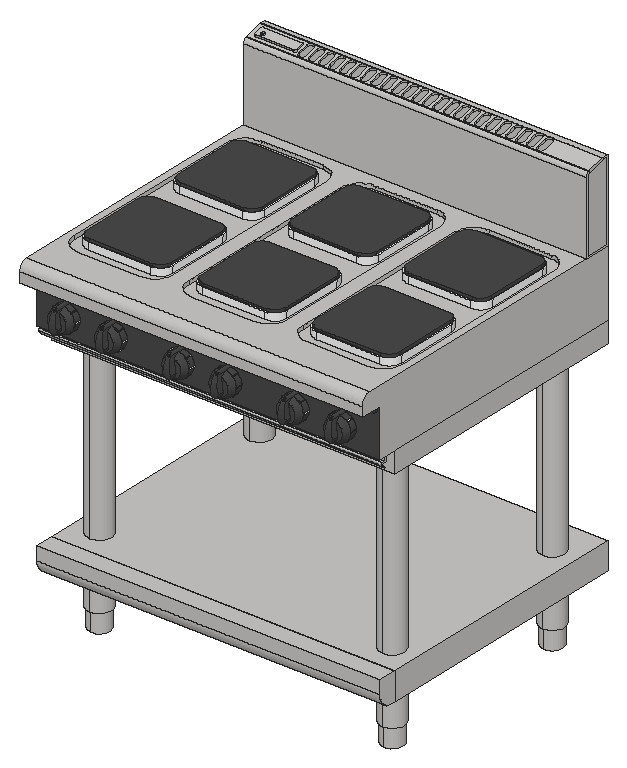
Revit family "QF_Moffat_RNB8600SE-LS_Electric_Cooktops_Sealed_Hobs_cat", category Specialty Equipment, Revit 2019 (continued)
Definition of nested family "High and Low Option"
  Forms (mm)
    Extrusion 10, solid, visible <- "High Back", not visible
      sketch origin (0, -15, 1130) x (0, -0.965926, -0.258819) y (1, 0, 0)
        loop
          arc (11.379, 231.148) -> (1.379, 221.148) -> (11.379, 211.148) r 10
          line (11.379, 211.148) -> (36.495, 211.148)
          arc (36.495, 211.148) -> (46.495, 221.148) -> (36.495, 231.148) r 10
          line (36.495, 231.148) -> (11.379, 231.148)
        loop
          arc (11.379, 258.428) -> (1.379, 248.428) -> (11.379, 238.428) r 10
          line (11.379, 238.428) -> (36.495, 238.428)
          arc (36.495, 238.428) -> (46.495, 248.428) -> (36.495, 258.428) r 10
          line (36.495, 258.428) -> (11.379, 258.428)
        loop
          arc (11.379, 285.709) -> (1.379, 275.709) -> (11.379, 265.709) r 10
          line (11.379, 265.709) -> (36.495, 265.709)
          arc (36.495, 265.709) -> (46.495, 275.709) -> (36.495, 285.709) r 10
          line (36.495, 285.709) -> (11.379, 285.709)
        loop
          arc (11.379, 312.989) -> (1.379, 302.989) -> (11.379, 292.989) r 10
          line (11.379, 292.989) -> (36.495, 292.989)
          arc (36.495, 292.989) -> (46.495, 302.989) -> (36.495, 312.989) r 10
          line (36.495, 312.989) -> (11.379, 312.989)
        loop
          arc (11.379, 340.269) -> (1.379, 330.269) -> (11.379, 320.269) r 10
          line (11.379, 320.269) -> (36.495, 320.269)
          arc (36.495, 320.269) -> (46.495, 330.269) -> (36.495, 340.269) r 10
          line (36.495, 340.269) -> (11.379, 340.269)
        loop
          arc (11.379, 367.549) -> (1.379, 357.549) -> (11.379, 347.549) r 10
          line (11.379, 347.549) -> (36.495, 347.549)
          arc (36.495, 347.549) -> (46.495, 357.549) -> (36.495, 367.549) r 10
          line (36.495, 367.549) -> (11.379, 367.549)
        loop
          arc (11.379, 394.829) -> (1.379, 384.829) -> (11.379, 374.829) r 10
          line (11.379, 374.829) -> (36.495, 374.829)
          arc (36.495, 374.829) -> (46.495, 384.829) -> (36.495, 394.829) r 10
          line (36.495, 394.829) -> (11.379, 394.829)
        loop
          arc (11.379, 422.11) -> (1.379, 412.11) -> (11.379, 402.11) r 10
          line (11.379, 402.11) -> (36.495, 402.11)
          arc (36.495, 402.11) -> (46.495, 412.11) -> (36.495, 422.11) r 10
          line (36.495, 422.11) -> (11.379, 422.11)
        loop
          arc (11.379, 449.39) -> (1.379, 439.39) -> (11.379, 429.39) r 10
          line (11.379, 429.39) -> (36.495, 429.39)
          arc (36.495, 429.39) -> (46.495, 439.39) -> (36.495, 449.39) r 10
          line (36.495, 449.39) -> (11.379, 449.39)
        loop
          arc (11.379, 476.67) -> (1.379, 466.67) -> (11.379, 456.67) r 10
          line (11.379, 456.67) -> (36.495, 456.67)
          arc (36.495, 456.67) -> (46.495, 466.67) -> (36.495, 476.67) r 10
          line (36.495, 476.67) -> (11.379, 476.67)
        loop
          arc (11.379, 503.95) -> (1.379, 493.95) -> (11.379, 483.95) r 10
          line (11.379, 483.95) -> (36.495, 483.95)
          arc (36.495, 483.95) -> (46.495, 493.95) -> (36.495, 503.95) r 10
          line (36.495, 503.95) -> (11.379, 503.95)
        loop
          arc (11.379, 531.23) -> (1.379, 521.23) -> (11.379, 511.23) r 10
          line (11.379, 511.23) -> (36.495, 511.23)
          arc (36.495, 511.23) -> (46.495, 521.23) -> (36.495, 531.23) r 10
          line (36.495, 531.23) -> (11.379, 531.23)
        loop
          arc (11.379, 558.511) -> (1.379, 548.511) -> (11.379, 538.511) r 10
          line (11.379, 538.511) -> (36.495, 538.511)
          arc (36.495, 538.511) -> (46.495, 548.511) -> (36.495, 558.511) r 10
          line (36.495, 558.511) -> (11.379, 558.511)
        loop
          arc (11.379, 585.791) -> (1.379, 575.791) -> (11.379, 565.791) r 10
          line (11.379, 565.791) -> (36.495, 565.791)
          arc (36.495, 565.791) -> (46.495, 575.791) -> (36.495, 585.791) r 10
          line (36.495, 585.791) -> (11.379, 585.791)
        loop
          arc (11.379, 613.071) -> (1.379, 603.071) -> (11.379, 593.071) r 10
          line (11.379, 593.071) -> (36.495, 593.071)
          arc (36.495, 593.071) -> (46.495, 603.071) -> (36.495, 613.071) r 10
          line (36.495, 613.071) -> (11.379, 613.071)
        loop
          arc (11.379, 640.351) -> (1.379, 630.351) -> (11.379, 620.351) r 10
          line (11.379, 620.351) -> (36.495, 620.351)
          arc (36.495, 620.351) -> (46.495, 630.351) -> (36.495, 640.351) r 10
          line (36.495, 640.351) -> (11.379, 640.351)
        loop
          arc (11.379, 667.632) -> (1.379, 657.632) -> (11.379, 647.632) r 10
          line (11.379, 647.632) -> (36.495, 647.632)
          arc (36.495, 647.632) -> (46.495, 657.632) -> (36.495, 667.632) r 10
          line (36.495, 667.632) -> (11.379, 667.632)
        loop
          arc (11.379, 694.912) -> (1.379, 684.912) -> (11.379, 674.912) r 10
          line (11.379, 674.912) -> (36.495, 674.912)
          arc (36.495, 674.912) -> (46.495, 684.912) -> (36.495, 694.912) r 10
          line (36.495, 694.912) -> (11.379, 694.912)
        loop
          arc (11.379, 722.192) -> (1.379, 712.192) -> (11.379, 702.192) r 10
          line (11.379, 702.192) -> (36.495, 702.192)
          arc (36.495, 702.192) -> (46.495, 712.192) -> (36.495, 722.192) r 10
          line (36.495, 722.192) -> (11.379, 722.192)
        loop
          arc (11.379, 749.472) -> (1.379, 739.472) -> (11.379, 729.472) r 10
          line (11.379, 729.472) -> (36.495, 729.472)
          arc (36.495, 729.472) -> (46.495, 739.472) -> (36.495, 749.472) r 10
          line (36.495, 749.472) -> (11.379, 749.472)
        loop
          arc (11.379, 776.752) -> (1.379, 766.752) -> (11.379, 756.752) r 10
          line (11.379, 756.752) -> (36.495, 756.752)
          arc (36.495, 756.752) -> (46.495, 766.752) -> (36.495, 776.752) r 10
          line (36.495, 776.752) -> (11.379, 776.752)
      from 0 to -3.2
  Lines and regions (mm)
    symbolic lines
      curve 1: line (0, -71.587, 946.25) -> (0, -71.587, 923.25)
      curve 2: line (0, 0, 0) -> (900, 0, 0)
      curve 3: line (0, -70, 0) -> (0, 0, 0)
      curve 4: line (900, -70, 0) -> (0, -70, 0)
      curve 5: line (900, 0, 0) -> (900, -70, 0)
      curve 202: line (0, 0, 0) -> (900, 0, 0)
      curve 203: line (0, -70, 0) -> (0, 0, 0)
      curve 204: line (900, -70, 0) -> (0, -70, 0)
      curve 205: line (900, 0, 0) -> (900, -70, 0)
    symbolic lines, visible <- "High Back"
      curve 6: line (129.307, -50.251, 0) -> (129.307, -25.991, 0)
      curve 7: spline (129.307, -25.991, 0) -> (129.648, -23.491, 0) -> (130.647, -21.162, 0) -> (132.236, -19.161, 0) -> (134.307, -17.626, 0) -> (136.719, -16.661, 0) -> (139.307, -16.332, 0) -> (141.896, -16.661, 0) -> (144.307, -17.626, 0) -> (146.379, -19.161, 0) -> (147.968, -21.162, 0) -> (148.967, -23.491, 0) -> (149.307, -25.991, 0)
      curve 8: line (149.307, -25.991, 0) -> (149.307, -50.251, 0)
      curve 9: spline (149.307, -50.251, 0) -> (148.967, -52.751, 0) -> (147.968, -55.081, 0) -> (146.379, -57.081, 0) -> (144.307, -58.616, 0) -> (141.896, -59.581, 0) -> (139.307, -59.91, 0) -> (136.719, -59.581, 0) -> (134.307, -58.616, 0) -> (132.236, -57.081, 0) -> (130.647, -55.081, 0) -> (129.648, -52.751, 0) -> (129.307, -50.251, 0)
      curve 10: line (156.588, -50.251, 0) -> (156.588, -25.991, 0)
      curve 11: spline (156.588, -25.991, 0) -> (156.928, -23.491, 0) -> (157.927, -21.162, 0) -> (159.517, -19.161, 0) -> (161.588, -17.626, 0) -> (164, -16.661, 0) -> (166.588, -16.332, 0) -> (169.176, -16.661, 0) -> (171.588, -17.626, 0) -> (173.659, -19.161, 0) -> (175.248, -21.162, 0) -> (176.247, -23.491, 0) -> (176.588, -25.991, 0)
      curve 12: line (176.588, -25.991, 0) -> (176.588, -50.251, 0)
      curve 13: spline (176.588, -50.251, 0) -> (176.247, -52.751, 0) -> (175.248, -55.081, 0) -> (173.659, -57.081, 0) -> (171.588, -58.616, 0) -> (169.176, -59.581, 0) -> (166.588, -59.91, 0) -> (164, -59.581, 0) -> (161.588, -58.616, 0) -> (159.517, -57.081, 0) -> (157.927, -55.081, 0) -> (156.928, -52.751, 0) -> (156.588, -50.251, 0)
      curve 14: line (183.868, -50.251, 0) -> (183.868, -25.991, 0)
      curve 15: spline (183.868, -25.991, 0) -> (184.209, -23.491, 0) -> (185.208, -21.162, 0) -> (186.797, -19.161, 0) -> (188.868, -17.626, 0) -> (191.28, -16.661, 0) -> (193.868, -16.332, 0) -> (196.456, -16.661, 0) -> (198.868, -17.626, 0) -> (200.939, -19.161, 0) -> (202.528, -21.162, 0) -> (203.527, -23.491, 0) -> (203.868, -25.991, 0)
      curve 16: line (203.868, -25.991, 0) -> (203.868, -50.251, 0)
      curve 17: spline (203.868, -50.251, 0) -> (203.527, -52.751, 0) -> (202.528, -55.081, 0) -> (200.939, -57.081, 0) -> (198.868, -58.616, 0) -> (196.456, -59.581, 0) -> (193.868, -59.91, 0) -> (191.28, -59.581, 0) -> (188.868, -58.616, 0) -> (186.797, -57.081, 0) -> (185.208, -55.081, 0) -> (184.209, -52.751, 0) -> (183.868, -50.251, 0)
      curve 18: line (211.148, -50.251, 0) -> (211.148, -25.991, 0)
      curve 19: spline (211.148, -25.991, 0) -> (211.489, -23.491, 0) -> (212.488, -21.162, 0) -> (214.077, -19.161, 0) -> (216.148, -17.626, 0) -> (218.56, -16.661, 0) -> (221.148, -16.332, 0) -> (223.736, -16.661, 0) -> (226.148, -17.626, 0) -> (228.219, -19.161, 0) -> (229.808, -21.162, 0) -> (230.807, -23.491, 0) -> (231.148, -25.991, 0)
      curve 20: line (231.148, -25.991, 0) -> (231.148, -50.251, 0)
      curve 21: spline (231.148, -50.251, 0) -> (230.807, -52.751, 0) -> (229.808, -55.081, 0) -> (228.219, -57.081, 0) -> (226.148, -58.616, 0) -> (223.736, -59.581, 0) -> (221.148, -59.91, 0) -> (218.56, -59.581, 0) -> (216.148, -58.616, 0) -> (214.077, -57.081, 0) -> (212.488, -55.081, 0) -> (211.489, -52.751, 0) -> (211.148, -50.251, 0)
      curve 22: line (238.428, -50.251, 0) -> (238.428, -25.991, 0)
      curve 23: spline (238.428, -25.991, 0) -> (238.769, -23.491, 0) -> (239.768, -21.162, 0) -> (241.357, -19.161, 0) -> (243.428, -17.626, 0) -> (245.84, -16.661, 0) -> (248.428, -16.332, 0) -> (251.017, -16.661, 0) -> (253.428, -17.626, 0) -> (255.499, -19.161, 0) -> (257.089, -21.162, 0) -> (258.088, -23.491, 0) -> (258.428, -25.991, 0)
      curve 24: line (258.428, -25.991, 0) -> (258.428, -50.251, 0)
      curve 25: spline (258.428, -50.251, 0) -> (258.088, -52.751, 0) -> (257.089, -55.081, 0) -> (255.499, -57.081, 0) -> (253.428, -58.616, 0) -> (251.017, -59.581, 0) -> (248.428, -59.91, 0) -> (245.84, -59.581, 0) -> (243.428, -58.616, 0) -> (241.357, -57.081, 0) -> (239.768, -55.081, 0) -> (238.769, -52.751, 0) -> (238.428, -50.251, 0)
      curve 26: line (265.709, -50.251, 0) -> (265.709, -25.991, 0)
      curve 27: spline (265.709, -25.991, 0) -> (266.049, -23.491, 0) -> (267.048, -21.162, 0) -> (268.637, -19.161, 0) -> (270.709, -17.626, 0) -> (273.12, -16.661, 0) -> (275.709, -16.332, 0) -> (278.297, -16.661, 0) -> (280.709, -17.626, 0) -> (282.78, -19.161, 0) -> (284.369, -21.162, 0) -> (285.368, -23.491, 0) -> (285.709, -25.991, 0)
      curve 28: line (285.709, -25.991, 0) -> (285.709, -50.251, 0)
      curve 29: spline (285.709, -50.251, 0) -> (285.368, -52.751, 0) -> (284.369, -55.081, 0) -> (282.78, -57.081, 0) -> (280.709, -58.616, 0) -> (278.297, -59.581, 0) -> (275.709, -59.91, 0) -> (273.12, -59.581, 0) -> (270.709, -58.616, 0) -> (268.637, -57.081, 0) -> (267.048, -55.081, 0) -> (266.049, -52.751, 0) -> (265.709, -50.251, 0)
      curve 30: line (292.989, -50.251, 0) -> (292.989, -25.991, 0)
      curve 31: spline (292.989, -25.991, 0) -> (293.329, -23.491, 0) -> (294.329, -21.162, 0) -> (295.918, -19.161, 0) -> (297.989, -17.626, 0) -> (300.401, -16.661, 0) -> (302.989, -16.332, 0) -> (305.577, -16.661, 0) -> (307.989, -17.626, 0) -> (310.06, -19.161, 0) -> (311.649, -21.162, 0) -> (312.648, -23.491, 0) -> (312.989, -25.991, 0)
      curve 32: line (312.989, -25.991, 0) -> (312.989, -50.251, 0)
      curve 33: spline (312.989, -50.251, 0) -> (312.648, -52.751, 0) -> (311.649, -55.081, 0) -> (310.06, -57.081, 0) -> (307.989, -58.616, 0) -> (305.577, -59.581, 0) -> (302.989, -59.91, 0) -> (300.401, -59.581, 0) -> (297.989, -58.616, 0) -> (295.918, -57.081, 0) -> (294.329, -55.081, 0) -> (293.329, -52.751, 0) -> (292.989, -50.251, 0)
      curve 34: line (320.269, -50.251, 0) -> (320.269, -25.991, 0)
      curve 35: spline (320.269, -25.991, 0) -> (320.61, -23.491, 0) -> (321.609, -21.162, 0) -> (323.198, -19.161, 0) -> (325.269, -17.626, 0) -> (327.681, -16.661, 0) -> (330.269, -16.332, 0) -> (332.857, -16.661, 0) -> (335.269, -17.626, 0) -> (337.34, -19.161, 0) -> (338.929, -21.162, 0) -> (339.928, -23.491, 0) -> (340.269, -25.991, 0)
      curve 36: line (340.269, -25.991, 0) -> (340.269, -50.251, 0)
      curve 37: spline (340.269, -50.251, 0) -> (339.928, -52.751, 0) -> (338.929, -55.081, 0) -> (337.34, -57.081, 0) -> (335.269, -58.616, 0) -> (332.857, -59.581, 0) -> (330.269, -59.91, 0) -> (327.681, -59.581, 0) -> (325.269, -58.616, 0) -> (323.198, -57.081, 0) -> (321.609, -55.081, 0) -> (320.61, -52.751, 0) -> (320.269, -50.251, 0)
      curve 38: line (347.549, -50.251, 0) -> (347.549, -25.991, 0)
      curve 39: spline (347.549, -25.991, 0) -> (347.89, -23.491, 0) -> (348.889, -21.162, 0) -> (350.478, -19.161, 0) -> (352.549, -17.626, 0) -> (354.961, -16.661, 0) -> (357.549, -16.332, 0) -> (360.137, -16.661, 0) -> (362.549, -17.626, 0) -> (364.62, -19.161, 0) -> (366.209, -21.162, 0) -> (367.208, -23.491, 0) -> (367.549, -25.991, 0)
      curve 40: line (367.549, -25.991, 0) -> (367.549, -50.251, 0)
      curve 41: spline (367.549, -50.251, 0) -> (367.208, -52.751, 0) -> (366.209, -55.081, 0) -> (364.62, -57.081, 0) -> (362.549, -58.616, 0) -> (360.137, -59.581, 0) -> (357.549, -59.91, 0) -> (354.961, -59.581, 0) -> (352.549, -58.616, 0) -> (350.478, -57.081, 0) -> (348.889, -55.081, 0) -> (347.89, -52.751, 0) -> (347.549, -50.251, 0)
      curve 42: line (374.829, -50.251, 0) -> (374.829, -25.991, 0)
      curve 43: spline (374.829, -25.991, 0) -> (375.17, -23.491, 0) -> (376.169, -21.162, 0) -> (377.758, -19.161, 0) -> (379.829, -17.626, 0) -> (382.241, -16.661, 0) -> (384.829, -16.332, 0) -> (387.418, -16.661, 0) -> (389.829, -17.626, 0) -> (391.9, -19.161, 0) -> (393.49, -21.162, 0) -> (394.489, -23.491, 0) -> (394.829, -25.991, 0)
      curve 44: line (394.829, -25.991, 0) -> (394.829, -50.251, 0)
      curve 45: spline (394.829, -50.251, 0) -> (394.489, -52.751, 0) -> (393.49, -55.081, 0) -> (391.9, -57.081, 0) -> (389.829, -58.616, 0) -> (387.418, -59.581, 0) -> (384.829, -59.91, 0) -> (382.241, -59.581, 0) -> (379.829, -58.616, 0) -> (377.758, -57.081, 0) -> (376.169, -55.081, 0) -> (375.17, -52.751, 0) -> (374.829, -50.251, 0)
      curve 46: line (402.11, -50.251, 0) -> (402.11, -25.991, 0)
      curve 47: spline (402.11, -25.991, 0) -> (402.45, -23.491, 0) -> (403.449, -21.162, 0) -> (405.039, -19.161, 0) -> (407.11, -17.626, 0) -> (409.521, -16.661, 0) -> (412.11, -16.332, 0) -> (414.698, -16.661, 0) -> (417.11, -17.626, 0) -> (419.181, -19.161, 0) -> (420.77, -21.162, 0) -> (421.769, -23.491, 0) -> (422.11, -25.991, 0)
      curve 48: line (422.11, -25.991, 0) -> (422.11, -50.251, 0)
      curve 49: spline (422.11, -50.251, 0) -> (421.769, -52.751, 0) -> (420.77, -55.081, 0) -> (419.181, -57.081, 0) -> (417.11, -58.616, 0) -> (414.698, -59.581, 0) -> (412.11, -59.91, 0) -> (409.521, -59.581, 0) -> (407.11, -58.616, 0) -> (405.039, -57.081, 0) -> (403.449, -55.081, 0) -> (402.45, -52.751, 0) -> (402.11, -50.251, 0)
      curve 50: line (429.39, -50.251, 0) -> (429.39, -25.991, 0)
      curve 51: spline (429.39, -25.991, 0) -> (429.731, -23.491, 0) -> (430.73, -21.162, 0) -> (432.319, -19.161, 0) -> (434.39, -17.626, 0) -> (436.802, -16.661, 0) -> (439.39, -16.332, 0) -> (441.978, -16.661, 0) -> (444.39, -17.626, 0) -> (446.461, -19.161, 0) -> (448.05, -21.162, 0) -> (449.049, -23.491, 0) -> (449.39, -25.991, 0)
      curve 52: line (449.39, -25.991, 0) -> (449.39, -50.251, 0)
      curve 53: spline (449.39, -50.251, 0) -> (449.049, -52.751, 0) -> (448.05, -55.081, 0) -> (446.461, -57.081, 0) -> (444.39, -58.616, 0) -> (441.978, -59.581, 0) -> (439.39, -59.91, 0) -> (436.802, -59.581, 0) -> (434.39, -58.616, 0) -> (432.319, -57.081, 0) -> (430.73, -55.081, 0) -> (429.731, -52.751, 0) -> (429.39, -50.251, 0)
      curve 54: line (456.67, -50.251, 0) -> (456.67, -25.991, 0)
      curve 55: spline (456.67, -25.991, 0) -> (457.011, -23.491, 0) -> (458.01, -21.162, 0) -> (459.599, -19.161, 0) -> (461.67, -17.626, 0) -> (464.082, -16.661, 0) -> (466.67, -16.332, 0) -> (469.258, -16.661, 0) -> (471.67, -17.626, 0) -> (473.741, -19.161, 0) -> (475.33, -21.162, 0) -> (476.329, -23.491, 0) -> (476.67, -25.991, 0)
      curve 56: line (476.67, -25.991, 0) -> (476.67, -50.251, 0)
      curve 57: spline (476.67, -50.251, 0) -> (476.329, -52.751, 0) -> (475.33, -55.081, 0) -> (473.741, -57.081, 0) -> (471.67, -58.616, 0) -> (469.258, -59.581, 0) -> (466.67, -59.91, 0) -> (464.082, -59.581, 0) -> (461.67, -58.616, 0) -> (459.599, -57.081, 0) -> (458.01, -55.081, 0) -> (457.011, -52.751, 0) -> (456.67, -50.251, 0)
      curve 58: line (483.95, -50.251, 0) -> (483.95, -25.991, 0)
      curve 59: spline (483.95, -25.991, 0) -> (484.291, -23.491, 0) -> (485.29, -21.162, 0) -> (486.879, -19.161, 0) -> (488.95, -17.626, 0) -> (491.362, -16.661, 0) -> (493.95, -16.332, 0) -> (496.538, -16.661, 0) -> (498.95, -17.626, 0) -> (501.021, -19.161, 0) -> (502.61, -21.162, 0) -> (503.609, -23.491, 0) -> (503.95, -25.991, 0)
      curve 60: line (503.95, -25.991, 0) -> (503.95, -50.251, 0)
      curve 61: spline (503.95, -50.251, 0) -> (503.609, -52.751, 0) -> (502.61, -55.081, 0) -> (501.021, -57.081, 0) -> (498.95, -58.616, 0) -> (496.538, -59.581, 0) -> (493.95, -59.91, 0) -> (491.362, -59.581, 0) -> (488.95, -58.616, 0) -> (486.879, -57.081, 0) -> (485.29, -55.081, 0) -> (484.291, -52.751, 0) -> (483.95, -50.251, 0)
      curve 62: line (511.23, -50.251, 0) -> (511.23, -25.991, 0)
      curve 63: spline (511.23, -25.991, 0) -> (511.571, -23.491, 0) -> (512.57, -21.162, 0) -> (514.159, -19.161, 0) -> (516.23, -17.626, 0) -> (518.642, -16.661, 0) -> (521.23, -16.332, 0) -> (523.819, -16.661, 0) -> (526.23, -17.626, 0) -> (528.302, -19.161, 0) -> (529.891, -21.162, 0) -> (530.89, -23.491, 0) -> (531.23, -25.991, 0)
      curve 64: line (531.23, -25.991, 0) -> (531.23, -50.251, 0)
      curve 65: spline (531.23, -50.251, 0) -> (530.89, -52.751, 0) -> (529.891, -55.081, 0) -> (528.302, -57.081, 0) -> (526.23, -58.616, 0) -> (523.819, -59.581, 0) -> (521.23, -59.91, 0) -> (518.642, -59.581, 0) -> (516.23, -58.616, 0) -> (514.159, -57.081, 0) -> (512.57, -55.081, 0) -> (511.571, -52.751, 0) -> (511.23, -50.251, 0)
      curve 66: line (538.511, -50.251, 0) -> (538.511, -25.991, 0)
      curve 67: spline (538.511, -25.991, 0) -> (538.851, -23.491, 0) -> (539.85, -21.162, 0) -> (541.44, -19.161, 0) -> (543.511, -17.626, 0) -> (545.922, -16.661, 0) -> (548.511, -16.332, 0) -> (551.099, -16.661, 0) -> (553.511, -17.626, 0) -> (555.582, -19.161, 0) -> (557.171, -21.162, 0) -> (558.17, -23.491, 0) -> (558.511, -25.991, 0)
      curve 68: line (558.511, -25.991, 0) -> (558.511, -50.251, 0)
      curve 69: spline (558.511, -50.251, 0) -> (558.17, -52.751, 0) -> (557.171, -55.081, 0) -> (555.582, -57.081, 0) -> (553.511, -58.616, 0) -> (551.099, -59.581, 0) -> (548.511, -59.91, 0) -> (545.922, -59.581, 0) -> (543.511, -58.616, 0) -> (541.44, -57.081, 0) -> (539.85, -55.081, 0) -> (538.851, -52.751, 0) -> (538.511, -50.251, 0)
      curve 70: line (565.791, -50.251, 0) -> (565.791, -25.991, 0)
      curve 71: spline (565.791, -25.991, 0) -> (566.132, -23.491, 0) -> (567.131, -21.162, 0) -> (568.72, -19.161, 0) -> (570.791, -17.626, 0) -> (573.203, -16.661, 0) -> (575.791, -16.332, 0) -> (578.379, -16.661, 0) -> (580.791, -17.626, 0) -> (582.862, -19.161, 0) -> (584.451, -21.162, 0) -> (585.45, -23.491, 0) -> (585.791, -25.991, 0)
      curve 72: line (585.791, -25.991, 0) -> (585.791, -50.251, 0)
      curve 73: spline (585.791, -50.251, 0) -> (585.45, -52.751, 0) -> (584.451, -55.081, 0) -> (582.862, -57.081, 0) -> (580.791, -58.616, 0) -> (578.379, -59.581, 0) -> (575.791, -59.91, 0) -> (573.203, -59.581, 0) -> (570.791, -58.616, 0) -> (568.72, -57.081, 0) -> (567.131, -55.081, 0) -> (566.132, -52.751, 0) -> (565.791, -50.251, 0)
      curve 74: line (593.071, -50.251, 0) -> (593.071, -25.991, 0)
      curve 75: spline (593.071, -25.991, 0) -> (593.412, -23.491, 0) -> (594.411, -21.162, 0) -> (596, -19.161, 0) -> (598.071, -17.626, 0) -> (600.483, -16.661, 0) -> (603.071, -16.332, 0) -> (605.659, -16.661, 0) -> (608.071, -17.626, 0) -> (610.142, -19.161, 0) -> (611.731, -21.162, 0) -> (612.73, -23.491, 0) -> (613.071, -25.991, 0)
      curve 76: line (613.071, -25.991, 0) -> (613.071, -50.251, 0)
      curve 77: spline (613.071, -50.251, 0) -> (612.73, -52.751, 0) -> (611.731, -55.081, 0) -> (610.142, -57.081, 0) -> (608.071, -58.616, 0) -> (605.659, -59.581, 0) -> (603.071, -59.91, 0) -> (600.483, -59.581, 0) -> (598.071, -58.616, 0) -> (596, -57.081, 0) -> (594.411, -55.081, 0) -> (593.412, -52.751, 0) -> (593.071, -50.251, 0)
      curve 78: line (620.351, -50.251, 0) -> (620.351, -25.991, 0)
      curve 79: spline (620.351, -25.991, 0) -> (620.692, -23.491, 0) -> (621.691, -21.162, 0) -> (623.28, -19.161, 0) -> (625.351, -17.626, 0) -> (627.763, -16.661, 0) -> (630.351, -16.332, 0) -> (632.939, -16.661, 0) -> (635.351, -17.626, 0) -> (637.422, -19.161, 0) -> (639.012, -21.162, 0) -> (640.011, -23.491, 0) -> (640.351, -25.991, 0)
      curve 80: line (640.351, -25.991, 0) -> (640.351, -50.251, 0)
      curve 81: spline (640.351, -50.251, 0) -> (640.011, -52.751, 0) -> (639.012, -55.081, 0) -> (637.422, -57.081, 0) -> (635.351, -58.616, 0) -> (632.939, -59.581, 0) -> (630.351, -59.91, 0) -> (627.763, -59.581, 0) -> (625.351, -58.616, 0) -> (623.28, -57.081, 0) -> (621.691, -55.081, 0) -> (620.692, -52.751, 0) -> (620.351, -50.251, 0)
      curve 82: line (647.632, -50.251, 0) -> (647.632, -25.991, 0)
      curve 83: spline (647.632, -25.991, 0) -> (647.972, -23.491, 0) -> (648.971, -21.162, 0) -> (650.56, -19.161, 0) -> (652.632, -17.626, 0) -> (655.043, -16.661, 0) -> (657.632, -16.332, 0) -> (660.22, -16.661, 0) -> (662.632, -17.626, 0) -> (664.703, -19.161, 0) -> (666.292, -21.162, 0) -> (667.291, -23.491, 0) -> (667.632, -25.991, 0)
      curve 84: line (667.632, -25.991, 0) -> (667.632, -50.251, 0)
      curve 85: spline (667.632, -50.251, 0) -> (667.291, -52.751, 0) -> (666.292, -55.081, 0) -> (664.703, -57.081, 0) -> (662.632, -58.616, 0) -> (660.22, -59.581, 0) -> (657.632, -59.91, 0) -> (655.043, -59.581, 0) -> (652.632, -58.616, 0) -> (650.56, -57.081, 0) -> (648.971, -55.081, 0) -> (647.972, -52.751, 0) -> (647.632, -50.251, 0)
      curve 86: line (674.912, -50.251, 0) -> (674.912, -25.991, 0)
      curve 87: spline (674.912, -25.991, 0) -> (675.252, -23.491, 0) -> (676.251, -21.162, 0) -> (677.841, -19.161, 0) -> (679.912, -17.626, 0) -> (682.324, -16.661, 0) -> (684.912, -16.332, 0) -> (687.5, -16.661, 0) -> (689.912, -17.626, 0) -> (691.983, -19.161, 0) -> (693.572, -21.162, 0) -> (694.571, -23.491, 0) -> (694.912, -25.991, 0)
      curve 88: line (694.912, -25.991, 0) -> (694.912, -50.251, 0)
      curve 89: spline (694.912, -50.251, 0) -> (694.571, -52.751, 0) -> (693.572, -55.081, 0) -> (691.983, -57.081, 0) -> (689.912, -58.616, 0) -> (687.5, -59.581, 0) -> (684.912, -59.91, 0) -> (682.324, -59.581, 0) -> (679.912, -58.616, 0) -> (677.841, -57.081, 0) -> (676.251, -55.081, 0) -> (675.252, -52.751, 0) -> (674.912, -50.251, 0)
      curve 90: line (702.192, -50.251, 0) -> (702.192, -25.991, 0)
      curve 91: spline (702.192, -25.991, 0) -> (702.533, -23.491, 0) -> (703.532, -21.162, 0) -> (705.121, -19.161, 0) -> (707.192, -17.626, 0) -> (709.604, -16.661, 0) -> (712.192, -16.332, 0) -> (714.78, -16.661, 0) -> (717.192, -17.626, 0) -> (719.263, -19.161, 0) -> (720.852, -21.162, 0) -> (721.851, -23.491, 0) -> (722.192, -25.991, 0)
      curve 92: line (722.192, -25.991, 0) -> (722.192, -50.251, 0)
      curve 93: spline (722.192, -50.251, 0) -> (721.851, -52.751, 0) -> (720.852, -55.081, 0) -> (719.263, -57.081, 0) -> (717.192, -58.616, 0) -> (714.78, -59.581, 0) -> (712.192, -59.91, 0) -> (709.604, -59.581, 0) -> (707.192, -58.616, 0) -> (705.121, -57.081, 0) -> (703.532, -55.081, 0) -> (702.533, -52.751, 0) -> (702.192, -50.251, 0)
      curve 94: line (729.472, -50.251, 0) -> (729.472, -25.991, 0)
      curve 95: spline (729.472, -25.991, 0) -> (729.813, -23.491, 0) -> (730.812, -21.162, 0) -> (732.401, -19.161, 0) -> (734.472, -17.626, 0) -> (736.884, -16.661, 0) -> (739.472, -16.332, 0) -> (742.06, -16.661, 0) -> (744.472, -17.626, 0) -> (746.543, -19.161, 0) -> (748.132, -21.162, 0) -> (749.131, -23.491, 0) -> (749.472, -25.991, 0)
      curve 96: line (749.472, -25.991, 0) -> (749.472, -50.251, 0)
      curve 97: spline (749.472, -50.251, 0) -> (749.131, -52.751, 0) -> (748.132, -55.081, 0) -> (746.543, -57.081, 0) -> (744.472, -58.616, 0) -> (742.06, -59.581, 0) -> (739.472, -59.91, 0) -> (736.884, -59.581, 0) -> (734.472, -58.616, 0) -> (732.401, -57.081, 0) -> (730.812, -55.081, 0) -> (729.813, -52.751, 0) -> (729.472, -50.251, 0)
      curve 98: line (756.752, -50.251, 0) -> (756.752, -25.991, 0)
      curve 99: spline (756.752, -25.991, 0) -> (757.093, -23.491, 0) -> (758.092, -21.162, 0) -> (759.681, -19.161, 0) -> (761.752, -17.626, 0) -> (764.164, -16.661, 0) -> (766.752, -16.332, 0) -> (769.341, -16.661, 0) -> (771.752, -17.626, 0) -> (773.823, -19.161, 0) -> (775.413, -21.162, 0) -> (776.412, -23.491, 0) -> (776.752, -25.991, 0)
      curve 100: line (776.752, -25.991, 0) -> (776.752, -50.251, 0)
      curve 101: spline (776.752, -50.251, 0) -> (776.412, -52.751, 0) -> (775.413, -55.081, 0) -> (773.823, -57.081, 0) -> (771.752, -58.616, 0) -> (769.341, -59.581, 0) -> (766.752, -59.91, 0) -> (764.164, -59.581, 0) -> (761.752, -58.616, 0) -> (759.681, -57.081, 0) -> (758.092, -55.081, 0) -> (757.093, -52.751, 0) -> (756.752, -50.251, 0)
    symbolic lines, not visible
      curve 102: line (0, 0, 0) -> (900, 0, 0)
      curve 103: line (0, -70, 0) -> (0, 0, 0)
      curve 104: line (900, -70, 0) -> (0, -70, 0)
      curve 105: line (900, 0, 0) -> (900, -70, 0)
      curve 206: line (0, 0, 0) -> (900, 0, 0)
      curve 207: line (0, -70, 0) -> (0, 0, 0)
      curve 208: line (900, -70, 0) -> (0, -70, 0)
      curve 209: line (900, 0, 0) -> (900, -70, 0)
    symbolic lines, visible <- "High Back", not visible
      curve 106: line (129.307, -50.251, 0) -> (129.307, -25.991, 0)
      curve 107: spline (129.307, -25.991, 0) -> (129.648, -23.491, 0) -> (130.647, -21.162, 0) -> (132.236, -19.161, 0) -> (134.307, -17.626, 0) -> (136.719, -16.661, 0) -> (139.307, -16.332, 0) -> (141.896, -16.661, 0) -> (144.307, -17.626, 0) -> (146.379, -19.161, 0) -> (147.968, -21.162, 0) -> (148.967, -23.491, 0) -> (149.307, -25.991, 0)
      curve 108: line (149.307, -25.991, 0) -> (149.307, -50.251, 0)
      curve 109: spline (149.307, -50.251, 0) -> (148.967, -52.751, 0) -> (147.968, -55.081, 0) -> (146.379, -57.081, 0) -> (144.307, -58.616, 0) -> (141.896, -59.581, 0) -> (139.307, -59.91, 0) -> (136.719, -59.581, 0) -> (134.307, -58.616, 0) -> (132.236, -57.081, 0) -> (130.647, -55.081, 0) -> (129.648, -52.751, 0) -> (129.307, -50.251, 0)
      curve 110: line (156.588, -50.251, 0) -> (156.588, -25.991, 0)
      curve 111: spline (156.588, -25.991, 0) -> (156.928, -23.491, 0) -> (157.927, -21.162, 0) -> (159.517, -19.161, 0) -> (161.588, -17.626, 0) -> (164, -16.661, 0) -> (166.588, -16.332, 0) -> (169.176, -16.661, 0) -> (171.588, -17.626, 0) -> (173.659, -19.161, 0) -> (175.248, -21.162, 0) -> (176.247, -23.491, 0) -> (176.588, -25.991, 0)
      curve 112: line (176.588, -25.991, 0) -> (176.588, -50.251, 0)
      curve 113: spline (176.588, -50.251, 0) -> (176.247, -52.751, 0) -> (175.248, -55.081, 0) -> (173.659, -57.081, 0) -> (171.588, -58.616, 0) -> (169.176, -59.581, 0) -> (166.588, -59.91, 0) -> (164, -59.581, 0) -> (161.588, -58.616, 0) -> (159.517, -57.081, 0) -> (157.927, -55.081, 0) -> (156.928, -52.751, 0) -> (156.588, -50.251, 0)
      curve 114: line (183.868, -50.251, 0) -> (183.868, -25.991, 0)
      curve 115: spline (183.868, -25.991, 0) -> (184.209, -23.491, 0) -> (185.208, -21.162, 0) -> (186.797, -19.161, 0) -> (188.868, -17.626, 0) -> (191.28, -16.661, 0) -> (193.868, -16.332, 0) -> (196.456, -16.661, 0) -> (198.868, -17.626, 0) -> (200.939, -19.161, 0) -> (202.528, -21.162, 0) -> (203.527, -23.491, 0) -> (203.868, -25.991, 0)
      curve 116: line (203.868, -25.991, 0) -> (203.868, -50.251, 0)
      curve 117: spline (203.868, -50.251, 0) -> (203.527, -52.751, 0) -> (202.528, -55.081, 0) -> (200.939, -57.081, 0) -> (198.868, -58.616, 0) -> (196.456, -59.581, 0) -> (193.868, -59.91, 0) -> (191.28, -59.581, 0) -> (188.868, -58.616, 0) -> (186.797, -57.081, 0) -> (185.208, -55.081, 0) -> (184.209, -52.751, 0) -> (183.868, -50.251, 0)
      curve 118: line (211.148, -50.251, 0) -> (211.148, -25.991, 0)
      curve 119: spline (211.148, -25.991, 0) -> (211.489, -23.491, 0) -> (212.488, -21.162, 0) -> (214.077, -19.161, 0) -> (216.148, -17.626, 0) -> (218.56, -16.661, 0) -> (221.148, -16.332, 0) -> (223.736, -16.661, 0) -> (226.148, -17.626, 0) -> (228.219, -19.161, 0) -> (229.808, -21.162, 0) -> (230.807, -23.491, 0) -> (231.148, -25.991, 0)
      curve 120: line (231.148, -25.991, 0) -> (231.148, -50.251, 0)
      curve 121: spline (231.148, -50.251, 0) -> (230.807, -52.751, 0) -> (229.808, -55.081, 0) -> (228.219, -57.081, 0) -> (226.148, -58.616, 0) -> (223.736, -59.581, 0) -> (221.148, -59.91, 0) -> (218.56, -59.581, 0) -> (216.148, -58.616, 0) -> (214.077, -57.081, 0) -> (212.488, -55.081, 0) -> (211.489, -52.751, 0) -> (211.148, -50.251, 0)
      curve 122: line (238.428, -50.251, 0) -> (238.428, -25.991, 0)
      curve 123: spline (238.428, -25.991, 0) -> (238.769, -23.491, 0) -> (239.768, -21.162, 0) -> (241.357, -19.161, 0) -> (243.428, -17.626, 0) -> (245.84, -16.661, 0) -> (248.428, -16.332, 0) -> (251.017, -16.661, 0) -> (253.428, -17.626, 0) -> (255.499, -19.161, 0) -> (257.089, -21.162, 0) -> (258.088, -23.491, 0) -> (258.428, -25.991, 0)
      curve 124: line (258.428, -25.991, 0) -> (258.428, -50.251, 0)
      curve 125: spline (258.428, -50.251, 0) -> (258.088, -52.751, 0) -> (257.089, -55.081, 0) -> (255.499, -57.081, 0) -> (253.428, -58.616, 0) -> (251.017, -59.581, 0) -> (248.428, -59.91, 0) -> (245.84, -59.581, 0) -> (243.428, -58.616, 0) -> (241.357, -57.081, 0) -> (239.768, -55.081, 0) -> (238.769, -52.751, 0) -> (238.428, -50.251, 0)
      curve 126: line (265.709, -50.251, 0) -> (265.709, -25.991, 0)
      curve 127: spline (265.709, -25.991, 0) -> (266.049, -23.491, 0) -> (267.048, -21.162, 0) -> (268.637, -19.161, 0) -> (270.709, -17.626, 0) -> (273.12, -16.661, 0) -> (275.709, -16.332, 0) -> (278.297, -16.661, 0) -> (280.709, -17.626, 0) -> (282.78, -19.161, 0) -> (284.369, -21.162, 0) -> (285.368, -23.491, 0) -> (285.709, -25.991, 0)
      curve 128: line (285.709, -25.991, 0) -> (285.709, -50.251, 0)
      curve 129: spline (285.709, -50.251, 0) -> (285.368, -52.751, 0) -> (284.369, -55.081, 0) -> (282.78, -57.081, 0) -> (280.709, -58.616, 0) -> (278.297, -59.581, 0) -> (275.709, -59.91, 0) -> (273.12, -59.581, 0) -> (270.709, -58.616, 0) -> (268.637, -57.081, 0) -> (267.048, -55.081, 0) -> (266.049, -52.751, 0) -> (265.709, -50.251, 0)
      curve 130: line (292.989, -50.251, 0) -> (292.989, -25.991, 0)
      curve 131: spline (292.989, -25.991, 0) -> (293.329, -23.491, 0) -> (294.329, -21.162, 0) -> (295.918, -19.161, 0) -> (297.989, -17.626, 0) -> (300.401, -16.661, 0) -> (302.989, -16.332, 0) -> (305.577, -16.661, 0) -> (307.989, -17.626, 0) -> (310.06, -19.161, 0) -> (311.649, -21.162, 0) -> (312.648, -23.491, 0) -> (312.989, -25.991, 0)
      curve 132: line (312.989, -25.991, 0) -> (312.989, -50.251, 0)
      curve 133: spline (312.989, -50.251, 0) -> (312.648, -52.751, 0) -> (311.649, -55.081, 0) -> (310.06, -57.081, 0) -> (307.989, -58.616, 0) -> (305.577, -59.581, 0) -> (302.989, -59.91, 0) -> (300.401, -59.581, 0) -> (297.989, -58.616, 0) -> (295.918, -57.081, 0) -> (294.329, -55.081, 0) -> (293.329, -52.751, 0) -> (292.989, -50.251, 0)
      curve 134: line (320.269, -50.251, 0) -> (320.269, -25.991, 0)
      curve 135: spline (320.269, -25.991, 0) -> (320.61, -23.491, 0) -> (321.609, -21.162, 0) -> (323.198, -19.161, 0) -> (325.269, -17.626, 0) -> (327.681, -16.661, 0) -> (330.269, -16.332, 0) -> (332.857, -16.661, 0) -> (335.269, -17.626, 0) -> (337.34, -19.161, 0) -> (338.929, -21.162, 0) -> (339.928, -23.491, 0) -> (340.269, -25.991, 0)
      curve 136: line (340.269, -25.991, 0) -> (340.269, -50.251, 0)
      curve 137: spline (340.269, -50.251, 0) -> (339.928, -52.751, 0) -> (338.929, -55.081, 0) -> (337.34, -57.081, 0) -> (335.269, -58.616, 0) -> (332.857, -59.581, 0) -> (330.269, -59.91, 0) -> (327.681, -59.581, 0) -> (325.269, -58.616, 0) -> (323.198, -57.081, 0) -> (321.609, -55.081, 0) -> (320.61, -52.751, 0) -> (320.269, -50.251, 0)
      curve 138: line (347.549, -50.251, 0) -> (347.549, -25.991, 0)
      curve 139: spline (347.549, -25.991, 0) -> (347.89, -23.491, 0) -> (348.889, -21.162, 0) -> (350.478, -19.161, 0) -> (352.549, -17.626, 0) -> (354.961, -16.661, 0) -> (357.549, -16.332, 0) -> (360.137, -16.661, 0) -> (362.549, -17.626, 0) -> (364.62, -19.161, 0) -> (366.209, -21.162, 0) -> (367.208, -23.491, 0) -> (367.549, -25.991, 0)
      curve 140: line (367.549, -25.991, 0) -> (367.549, -50.251, 0)
      curve 141: spline (367.549, -50.251, 0) -> (367.208, -52.751, 0) -> (366.209, -55.081, 0) -> (364.62, -57.081, 0) -> (362.549, -58.616, 0) -> (360.137, -59.581, 0) -> (357.549, -59.91, 0) -> (354.961, -59.581, 0) -> (352.549, -58.616, 0) -> (350.478, -57.081, 0) -> (348.889, -55.081, 0) -> (347.89, -52.751, 0) -> (347.549, -50.251, 0)
      curve 142: line (374.829, -50.251, 0) -> (374.829, -25.991, 0)
      curve 143: spline (374.829, -25.991, 0) -> (375.17, -23.491, 0) -> (376.169, -21.162, 0) -> (377.758, -19.161, 0) -> (379.829, -17.626, 0) -> (382.241, -16.661, 0) -> (384.829, -16.332, 0) -> (387.418, -16.661, 0) -> (389.829, -17.626, 0) -> (391.9, -19.161, 0) -> (393.49, -21.162, 0) -> (394.489, -23.491, 0) -> (394.829, -25.991, 0)
      curve 144: line (394.829, -25.991, 0) -> (394.829, -50.251, 0)
      curve 145: spline (394.829, -50.251, 0) -> (394.489, -52.751, 0) -> (393.49, -55.081, 0) -> (391.9, -57.081, 0) -> (389.829, -58.616, 0) -> (387.418, -59.581, 0) -> (384.829, -59.91, 0) -> (382.241, -59.581, 0) -> (379.829, -58.616, 0) -> (377.758, -57.081, 0) -> (376.169, -55.081, 0) -> (375.17, -52.751, 0) -> (374.829, -50.251, 0)
      curve 146: line (402.11, -50.251, 0) -> (402.11, -25.991, 0)
      curve 147: spline (402.11, -25.991, 0) -> (402.45, -23.491, 0) -> (403.449, -21.162, 0) -> (405.039, -19.161, 0) -> (407.11, -17.626, 0) -> (409.521, -16.661, 0) -> (412.11, -16.332, 0) -> (414.698, -16.661, 0) -> (417.11, -17.626, 0) -> (419.181, -19.161, 0) -> (420.77, -21.162, 0) -> (421.769, -23.491, 0) -> (422.11, -25.991, 0)
      curve 148: line (422.11, -25.991, 0) -> (422.11, -50.251, 0)
      curve 149: spline (422.11, -50.251, 0) -> (421.769, -52.751, 0) -> (420.77, -55.081, 0) -> (419.181, -57.081, 0) -> (417.11, -58.616, 0) -> (414.698, -59.581, 0) -> (412.11, -59.91, 0) -> (409.521, -59.581, 0) -> (407.11, -58.616, 0) -> (405.039, -57.081, 0) -> (403.449, -55.081, 0) -> (402.45, -52.751, 0) -> (402.11, -50.251, 0)
      curve 150: line (429.39, -50.251, 0) -> (429.39, -25.991, 0)
      curve 151: spline (429.39, -25.991, 0) -> (429.731, -23.491, 0) -> (430.73, -21.162, 0) -> (432.319, -19.161, 0) -> (434.39, -17.626, 0) -> (436.802, -16.661, 0) -> (439.39, -16.332, 0) -> (441.978, -16.661, 0) -> (444.39, -17.626, 0) -> (446.461, -19.161, 0) -> (448.05, -21.162, 0) -> (449.049, -23.491, 0) -> (449.39, -25.991, 0)
      curve 152: line (449.39, -25.991, 0) -> (449.39, -50.251, 0)
      curve 153: spline (449.39, -50.251, 0) -> (449.049, -52.751, 0) -> (448.05, -55.081, 0) -> (446.461, -57.081, 0) -> (444.39, -58.616, 0) -> (441.978, -59.581, 0) -> (439.39, -59.91, 0) -> (436.802, -59.581, 0) -> (434.39, -58.616, 0) -> (432.319, -57.081, 0) -> (430.73, -55.081, 0) -> (429.731, -52.751, 0) -> (429.39, -50.251, 0)
      curve 154: line (456.67, -50.251, 0) -> (456.67, -25.991, 0)
      curve 155: spline (456.67, -25.991, 0) -> (457.011, -23.491, 0) -> (458.01, -21.162, 0) -> (459.599, -19.161, 0) -> (461.67, -17.626, 0) -> (464.082, -16.661, 0) -> (466.67, -16.332, 0) -> (469.258, -16.661, 0) -> (471.67, -17.626, 0) -> (473.741, -19.161, 0) -> (475.33, -21.162, 0) -> (476.329, -23.491, 0) -> (476.67, -25.991, 0)
      curve 156: line (476.67, -25.991, 0) -> (476.67, -50.251, 0)
      curve 157: spline (476.67, -50.251, 0) -> (476.329, -52.751, 0) -> (475.33, -55.081, 0) -> (473.741, -57.081, 0) -> (471.67, -58.616, 0) -> (469.258, -59.581, 0) -> (466.67, -59.91, 0) -> (464.082, -59.581, 0) -> (461.67, -58.616, 0) -> (459.599, -57.081, 0) -> (458.01, -55.081, 0) -> (457.011, -52.751, 0) -> (456.67, -50.251, 0)
      curve 158: line (483.95, -50.251, 0) -> (483.95, -25.991, 0)
      curve 159: spline (483.95, -25.991, 0) -> (484.291, -23.491, 0) -> (485.29, -21.162, 0) -> (486.879, -19.161, 0) -> (488.95, -17.626, 0) -> (491.362, -16.661, 0) -> (493.95, -16.332, 0) -> (496.538, -16.661, 0) -> (498.95, -17.626, 0) -> (501.021, -19.161, 0) -> (502.61, -21.162, 0) -> (503.609, -23.491, 0) -> (503.95, -25.991, 0)
      curve 160: line (503.95, -25.991, 0) -> (503.95, -50.251, 0)
      curve 161: spline (503.95, -50.251, 0) -> (503.609, -52.751, 0) -> (502.61, -55.081, 0) -> (501.021, -57.081, 0) -> (498.95, -58.616, 0) -> (496.538, -59.581, 0) -> (493.95, -59.91, 0) -> (491.362, -59.581, 0) -> (488.95, -58.616, 0) -> (486.879, -57.081, 0) -> (485.29, -55.081, 0) -> (484.291, -52.751, 0) -> (483.95, -50.251, 0)
      curve 162: line (511.23, -50.251, 0) -> (511.23, -25.991, 0)
      curve 163: spline (511.23, -25.991, 0) -> (511.571, -23.491, 0) -> (512.57, -21.162, 0) -> (514.159, -19.161, 0) -> (516.23, -17.626, 0) -> (518.642, -16.661, 0) -> (521.23, -16.332, 0) -> (523.819, -16.661, 0) -> (526.23, -17.626, 0) -> (528.302, -19.161, 0) -> (529.891, -21.162, 0) -> (530.89, -23.491, 0) -> (531.23, -25.991, 0)
      curve 164: line (531.23, -25.991, 0) -> (531.23, -50.251, 0)
      curve 165: spline (531.23, -50.251, 0) -> (530.89, -52.751, 0) -> (529.891, -55.081, 0) -> (528.302, -57.081, 0) -> (526.23, -58.616, 0) -> (523.819, -59.581, 0) -> (521.23, -59.91, 0) -> (518.642, -59.581, 0) -> (516.23, -58.616, 0) -> (514.159, -57.081, 0) -> (512.57, -55.081, 0) -> (511.571, -52.751, 0) -> (511.23, -50.251, 0)
      curve 166: line (538.511, -50.251, 0) -> (538.511, -25.991, 0)
      curve 167: spline (538.511, -25.991, 0) -> (538.851, -23.491, 0) -> (539.85, -21.162, 0) -> (541.44, -19.161, 0) -> (543.511, -17.626, 0) -> (545.922, -16.661, 0) -> (548.511, -16.332, 0) -> (551.099, -16.661, 0) -> (553.511, -17.626, 0) -> (555.582, -19.161, 0) -> (557.171, -21.162, 0) -> (558.17, -23.491, 0) -> (558.511, -25.991, 0)
      curve 168: line (558.511, -25.991, 0) -> (558.511, -50.251, 0)
      curve 169: spline (558.511, -50.251, 0) -> (558.17, -52.751, 0) -> (557.171, -55.081, 0) -> (555.582, -57.081, 0) -> (553.511, -58.616, 0) -> (551.099, -59.581, 0) -> (548.511, -59.91, 0) -> (545.922, -59.581, 0) -> (543.511, -58.616, 0) -> (541.44, -57.081, 0) -> (539.85, -55.081, 0) -> (538.851, -52.751, 0) -> (538.511, -50.251, 0)
      curve 170: line (565.791, -50.251, 0) -> (565.791, -25.991, 0)
      curve 171: spline (565.791, -25.991, 0) -> (566.132, -23.491, 0) -> (567.131, -21.162, 0) -> (568.72, -19.161, 0) -> (570.791, -17.626, 0) -> (573.203, -16.661, 0) -> (575.791, -16.332, 0) -> (578.379, -16.661, 0) -> (580.791, -17.626, 0) -> (582.862, -19.161, 0) -> (584.451, -21.162, 0) -> (585.45, -23.491, 0) -> (585.791, -25.991, 0)
      curve 172: line (585.791, -25.991, 0) -> (585.791, -50.251, 0)
      curve 173: spline (585.791, -50.251, 0) -> (585.45, -52.751, 0) -> (584.451, -55.081, 0) -> (582.862, -57.081, 0) -> (580.791, -58.616, 0) -> (578.379, -59.581, 0) -> (575.791, -59.91, 0) -> (573.203, -59.581, 0) -> (570.791, -58.616, 0) -> (568.72, -57.081, 0) -> (567.131, -55.081, 0) -> (566.132, -52.751, 0) -> (565.791, -50.251, 0)
      curve 174: line (593.071, -50.251, 0) -> (593.071, -25.991, 0)
      curve 175: spline (593.071, -25.991, 0) -> (593.412, -23.491, 0) -> (594.411, -21.162, 0) -> (596, -19.161, 0) -> (598.071, -17.626, 0) -> (600.483, -16.661, 0) -> (603.071, -16.332, 0) -> (605.659, -16.661, 0) -> (608.071, -17.626, 0) -> (610.142, -19.161, 0) -> (611.731, -21.162, 0) -> (612.73, -23.491, 0) -> (613.071, -25.991, 0)
      curve 176: line (613.071, -25.991, 0) -> (613.071, -50.251, 0)
      curve 177: spline (613.071, -50.251, 0) -> (612.73, -52.751, 0) -> (611.731, -55.081, 0) -> (610.142, -57.081, 0) -> (608.071, -58.616, 0) -> (605.659, -59.581, 0) -> (603.071, -59.91, 0) -> (600.483, -59.581, 0) -> (598.071, -58.616, 0) -> (596, -57.081, 0) -> (594.411, -55.081, 0) -> (593.412, -52.751, 0) -> (593.071, -50.251, 0)
      curve 178: line (620.351, -50.251, 0) -> (620.351, -25.991, 0)
      curve 179: spline (620.351, -25.991, 0) -> (620.692, -23.491, 0) -> (621.691, -21.162, 0) -> (623.28, -19.161, 0) -> (625.351, -17.626, 0) -> (627.763, -16.661, 0) -> (630.351, -16.332, 0) -> (632.939, -16.661, 0) -> (635.351, -17.626, 0) -> (637.422, -19.161, 0) -> (639.012, -21.162, 0) -> (640.011, -23.491, 0) -> (640.351, -25.991, 0)
      curve 180: line (640.351, -25.991, 0) -> (640.351, -50.251, 0)
      curve 181: spline (640.351, -50.251, 0) -> (640.011, -52.751, 0) -> (639.012, -55.081, 0) -> (637.422, -57.081, 0) -> (635.351, -58.616, 0) -> (632.939, -59.581, 0) -> (630.351, -59.91, 0) -> (627.763, -59.581, 0) -> (625.351, -58.616, 0) -> (623.28, -57.081, 0) -> (621.691, -55.081, 0) -> (620.692, -52.751, 0) -> (620.351, -50.251, 0)
      curve 182: line (647.632, -50.251, 0) -> (647.632, -25.991, 0)
      curve 183: spline (647.632, -25.991, 0) -> (647.972, -23.491, 0) -> (648.971, -21.162, 0) -> (650.56, -19.161, 0) -> (652.632, -17.626, 0) -> (655.043, -16.661, 0) -> (657.632, -16.332, 0) -> (660.22, -16.661, 0) -> (662.632, -17.626, 0) -> (664.703, -19.161, 0) -> (666.292, -21.162, 0) -> (667.291, -23.491, 0) -> (667.632, -25.991, 0)
      curve 184: line (667.632, -25.991, 0) -> (667.632, -50.251, 0)
      curve 185: spline (667.632, -50.251, 0) -> (667.291, -52.751, 0) -> (666.292, -55.081, 0) -> (664.703, -57.081, 0) -> (662.632, -58.616, 0) -> (660.22, -59.581, 0) -> (657.632, -59.91, 0) -> (655.043, -59.581, 0) -> (652.632, -58.616, 0) -> (650.56, -57.081, 0) -> (648.971, -55.081, 0) -> (647.972, -52.751, 0) -> (647.632, -50.251, 0)
      curve 186: line (674.912, -50.251, 0) -> (674.912, -25.991, 0)
      curve 187: spline (674.912, -25.991, 0) -> (675.252, -23.491, 0) -> (676.251, -21.162, 0) -> (677.841, -19.161, 0) -> (679.912, -17.626, 0) -> (682.324, -16.661, 0) -> (684.912, -16.332, 0) -> (687.5, -16.661, 0) -> (689.912, -17.626, 0) -> (691.983, -19.161, 0) -> (693.572, -21.162, 0) -> (694.571, -23.491, 0) -> (694.912, -25.991, 0)
      curve 188: line (694.912, -25.991, 0) -> (694.912, -50.251, 0)
      curve 189: spline (694.912, -50.251, 0) -> (694.571, -52.751, 0) -> (693.572, -55.081, 0) -> (691.983, -57.081, 0) -> (689.912, -58.616, 0) -> (687.5, -59.581, 0) -> (684.912, -59.91, 0) -> (682.324, -59.581, 0) -> (679.912, -58.616, 0) -> (677.841, -57.081, 0) -> (676.251, -55.081, 0) -> (675.252, -52.751, 0) -> (674.912, -50.251, 0)
      curve 190: line (702.192, -50.251, 0) -> (702.192, -25.991, 0)
      curve 191: spline (702.192, -25.991, 0) -> (702.533, -23.491, 0) -> (703.532, -21.162, 0) -> (705.121, -19.161, 0) -> (707.192, -17.626, 0) -> (709.604, -16.661, 0) -> (712.192, -16.332, 0) -> (714.78, -16.661, 0) -> (717.192, -17.626, 0) -> (719.263, -19.161, 0) -> (720.852, -21.162, 0) -> (721.851, -23.491, 0) -> (722.192, -25.991, 0)
      curve 192: line (722.192, -25.991, 0) -> (722.192, -50.251, 0)
      curve 193: spline (722.192, -50.251, 0) -> (721.851, -52.751, 0) -> (720.852, -55.081, 0) -> (719.263, -57.081, 0) -> (717.192, -58.616, 0) -> (714.78, -59.581, 0) -> (712.192, -59.91, 0) -> (709.604, -59.581, 0) -> (707.192, -58.616, 0) -> (705.121, -57.081, 0) -> (703.532, -55.081, 0) -> (702.533, -52.751, 0) -> (702.192, -50.251, 0)
      curve 194: line (729.472, -50.251, 0) -> (729.472, -25.991, 0)
      curve 195: spline (729.472, -25.991, 0) -> (729.813, -23.491, 0) -> (730.812, -21.162, 0) -> (732.401, -19.161, 0) -> (734.472, -17.626, 0) -> (736.884, -16.661, 0) -> (739.472, -16.332, 0) -> (742.06, -16.661, 0) -> (744.472, -17.626, 0) -> (746.543, -19.161, 0) -> (748.132, -21.162, 0) -> (749.131, -23.491, 0) -> (749.472, -25.991, 0)
      curve 196: line (749.472, -25.991, 0) -> (749.472, -50.251, 0)
      curve 197: spline (749.472, -50.251, 0) -> (749.131, -52.751, 0) -> (748.132, -55.081, 0) -> (746.543, -57.081, 0) -> (744.472, -58.616, 0) -> (742.06, -59.581, 0) -> (739.472, -59.91, 0) -> (736.884, -59.581, 0) -> (734.472, -58.616, 0) -> (732.401, -57.081, 0) -> (730.812, -55.081, 0) -> (729.813, -52.751, 0) -> (729.472, -50.251, 0)
      curve 198: line (756.752, -50.251, 0) -> (756.752, -25.991, 0)
      curve 199: spline (756.752, -25.991, 0) -> (757.093, -23.491, 0) -> (758.092, -21.162, 0) -> (759.681, -19.161, 0) -> (761.752, -17.626, 0) -> (764.164, -16.661, 0) -> (766.752, -16.332, 0) -> (769.341, -16.661, 0) -> (771.752, -17.626, 0) -> (773.823, -19.161, 0) -> (775.413, -21.162, 0) -> (776.412, -23.491, 0) -> (776.752, -25.991, 0)
      curve 200: line (776.752, -25.991, 0) -> (776.752, -50.251, 0)
      curve 201: spline (776.752, -50.251, 0) -> (776.412, -52.751, 0) -> (775.413, -55.081, 0) -> (773.823, -57.081, 0) -> (771.752, -58.616, 0) -> (769.341, -59.581, 0) -> (766.752, -59.91, 0) -> (764.164, -59.581, 0) -> (761.752, -58.616, 0) -> (759.681, -57.081, 0) -> (758.092, -55.081, 0) -> (757.093, -52.751, 0) -> (756.752, -50.251, 0)
  Dimensions and locks
    equal spacing: plane 3 "LEFT", plane 7 "Center Y", plane 4 "RIGHT"
    "Length": plane 3 "LEFT" to plane 4 "RIGHT"
    equal spacing: plane 5 "FRONT", plane 8 "Center X", plane 1 "BACK"
    "Depth": plane 5 "FRONT" to plane 1 "BACK"
    "Height": plane 6 "TOP" to level
    plane 4 "RIGHT" to plane 3 "LEFT" = 900 mm
    plane 1 "BACK" to plane 5 "FRONT" = 805 mm
    plane 9 to plane 10 = 769 mm
    plane 12 to plane 2 = 675 mm
    plane 6 "TOP" to level = 970 mm
    plane 13 to level = 1130 mm
    aligned and locked: level to plane 2
  Automatic sketch dimensions
    Extrusion 2 sketch curve to Extrusion 2 sketch curve = 0 mm  (x4)
    Extrusion 2 sketch curve to Extrusion 2 sketch curve = 11.8 mm
    Extrusion 2 sketch curve to Extrusion 2 sketch curve = 43.857 mm
    Extrusion 2 sketch curve to Extrusion 2 sketch curve = 2.278 mm
    Extrusion 2 sketch curve to Extrusion 2 sketch curve = 0.828 mm
    Extrusion 2 sketch curve to Extrusion 2 sketch curve = 63.6 mm
    Extrusion 2 sketch curve to Extrusion 2 sketch curve = 3.2 mm  (x4)
    plane 1 "BACK" to curve 1 = 71.587 mm
    curve 1 to plane 6 "TOP" = 46.75 mm
    curve 1 to curve 1 = 23 mm
    Extrusion 5 sketch curve to Extrusion 5 sketch curve = 10 mm  (x24)
    Extrusion 5 sketch curve to Extrusion 5 sketch curve = 7.28 mm  (x23)
    Extrusion 5 sketch curve to Extrusion 5 sketch curve = 11.379 mm  (x2)
    Extrusion 5 sketch curve to Extrusion 5 sketch curve = 0 mm  (x33)
    Extrusion 5 sketch curve to Extrusion 5 sketch curve = 25.116 mm  (x13)
    Extrusion 5 sketch curve to Extrusion 5 sketch curve = 47.732 mm
    Extrusion 2 sketch curve to Extrusion 2 sketch curve = 5.694 mm
    Extrusion 2 sketch curve to Extrusion 2 sketch curve = 187.855 mm
    Extrusion 2 sketch curve to Extrusion 2 sketch curve = 12.245 mm
    Extrusion 5 sketch curve to Extrusion 5 sketch curve = 129.307 mm
    Extrusion 5 sketch curve to Extrusion 5 sketch curve = 123.248 mm
    Extrusion 7 sketch curve to Extrusion 7 sketch curve = 0 mm  (x4)
    Extrusion 7 sketch curve to Extrusion 7 sketch curve = 11.8 mm
    Extrusion 7 sketch curve to Extrusion 7 sketch curve = 43.857 mm
    Extrusion 7 sketch curve to Extrusion 7 sketch curve = 2.278 mm
    Extrusion 7 sketch curve to Extrusion 7 sketch curve = 0.828 mm
    Extrusion 7 sketch curve to Extrusion 7 sketch curve = 63.6 mm
    Extrusion 7 sketch curve to Extrusion 7 sketch curve = 3.2 mm  (x4)
    Extrusion 10 sketch curve to Extrusion 10 sketch curve = 10 mm  (x24)
    Extrusion 10 sketch curve to Extrusion 10 sketch curve = 7.28 mm  (x23)
    Extrusion 10 sketch curve to Extrusion 10 sketch curve = 11.379 mm  (x2)
    Extrusion 10 sketch curve to Extrusion 10 sketch curve = 0 mm  (x33)
    Extrusion 10 sketch curve to Extrusion 10 sketch curve = 25.116 mm  (x13)
    Extrusion 10 sketch curve to Extrusion 10 sketch curve = 47.732 mm
    Extrusion 7 sketch curve to Extrusion 7 sketch curve = 5.694 mm
    Extrusion 7 sketch curve to Extrusion 7 sketch curve = 187.855 mm
    Extrusion 7 sketch curve to Extrusion 7 sketch curve = 12.245 mm
    Extrusion 10 sketch curve to Extrusion 10 sketch curve = 129.307 mm
    Extrusion 10 sketch curve to Extrusion 10 sketch curve = 123.248 mm
    curve 3 to curve 6 = 129.307 mm
    curve 6 to curve 8 = 20 mm
    curve 8 to curve 10 = 7.28 mm
    curve 10 to curve 12 = 20 mm
    curve 13 to curve 14 = 7.28 mm
    curve 14 to curve 16 = 20 mm
    curve 16 to curve 18 = 7.28 mm
    curve 18 to curve 20 = 20 mm
    curve 21 to curve 22 = 7.28 mm
    curve 22 to curve 24 = 20 mm
    curve 25 to curve 26 = 7.28 mm
    curve 26 to curve 28 = 20 mm
    curve 29 to curve 30 = 7.28 mm
    curve 30 to curve 32 = 20 mm
    curve 32 to curve 34 = 7.28 mm
    curve 34 to curve 36 = 20 mm
    curve 37 to curve 38 = 7.28 mm
    curve 41 to curve 40 = 20 mm
    curve 41 to curve 42 = 7.28 mm
    curve 45 to curve 44 = 20 mm
    curve 43 to curve 46 = 7.28 mm
    curve 46 to curve 48 = 20 mm
    curve 49 to curve 50 = 7.28 mm
    curve 50 to curve 52 = 20 mm
    curve 52 to curve 54 = 7.28 mm
    curve 54 to curve 56 = 20 mm
    curve 57 to curve 58 = 7.28 mm
    curve 58 to curve 60 = 20 mm
    curve 61 to curve 62 = 7.28 mm
    curve 62 to curve 64 = 20 mm
    curve 64 to curve 66 = 7.28 mm
    curve 66 to curve 68 = 20 mm
    curve 69 to curve 70 = 7.28 mm
    curve 70 to curve 72 = 20 mm
    curve 73 to curve 74 = 7.28 mm
    curve 74 to curve 76 = 20 mm
    curve 77 to curve 78 = 7.28 mm
    curve 78 to curve 80 = 20 mm
    curve 80 to curve 82 = 7.28 mm
    curve 82 to curve 84 = 20 mm
    curve 85 to curve 86 = 7.28 mm
    curve 87 to curve 88 = 20 mm
    curve 89 to curve 90 = 7.28 mm
    curve 90 to curve 92 = 20 mm
    curve 91 to curve 94 = 7.28 mm
    curve 94 to curve 96 = 20 mm
    curve 96 to curve 98 = 7.28 mm
    curve 98 to curve 100 = 20 mm
    curve 3 to curve 6 = 19.749 mm
    curve 9 to curve 10 = 0 mm
    curve 96 to curve 101 = 0 mm
    curve 13 to curve 14 = 0 mm
    curve 92 to curve 97 = 0 mm
    curve 16 to curve 18 = 0 mm
    curve 88 to curve 90 = 0 mm
    curve 21 to curve 22 = 0 mm
    curve 84 to curve 86 = 0 mm  (x2)
    curve 25 to curve 26 = 0 mm
    curve 80 to curve 85 = 0 mm
    curve 29 to curve 30 = 0 mm
    curve 76 to curve 81 = 0 mm
    curve 33 to curve 34 = 0 mm
    curve 72 to curve 74 = 0 mm  (x2)
    curve 37 to curve 38 = 0 mm
    curve 68 to curve 70 = 0 mm  (x2)
    curve 41 to curve 42 = 0 mm
    curve 64 to curve 69 = 0 mm
    curve 45 to curve 46 = 0 mm
    curve 60 to curve 65 = 0 mm
    curve 49 to curve 50 = 0 mm
    curve 56 to curve 58 = 0 mm  (x2)
    curve 56 to curve 56 = 24.26 mm
    curve 52 to curve 55 = 0 mm
    curve 48 to curve 51 = 0 mm
    curve 59 to curve 62 = 0 mm
    curve 44 to curve 47 = 0 mm
    curve 64 to curve 66 = 0 mm
    curve 40 to curve 43 = 0 mm
    curve 36 to curve 39 = 0 mm
    curve 32 to curve 35 = 0 mm
    curve 75 to curve 78 = 0 mm
    curve 28 to curve 31 = 0 mm
    curve 80 to curve 82 = 0 mm
    curve 24 to curve 27 = 0 mm
    curve 20 to curve 23 = 0 mm
    curve 87 to curve 90 = 0 mm
    curve 16 to curve 19 = 0 mm
    curve 91 to curve 94 = 0 mm
    curve 12 to curve 15 = 0 mm
    curve 96 to curve 98 = 0 mm
    curve 8 to curve 11 = 0 mm
    curve 3 to curve 3 = 70 mm
    curve 100 to curve 5 = 123.248 mm
    curve 4 to curve 100 = 19.749 mm
    curve 103 to curve 106 = 129.307 mm
    curve 106 to curve 108 = 20 mm
    curve 108 to curve 110 = 7.28 mm
    curve 110 to curve 112 = 20 mm
    curve 113 to curve 114 = 7.28 mm
    curve 114 to curve 116 = 20 mm
    curve 116 to curve 118 = 7.28 mm
    curve 118 to curve 120 = 20 mm
    curve 121 to curve 122 = 7.28 mm
    curve 122 to curve 124 = 20 mm
    curve 125 to curve 126 = 7.28 mm
    curve 126 to curve 128 = 20 mm
    curve 129 to curve 130 = 7.28 mm
    curve 130 to curve 132 = 20 mm
    curve 132 to curve 134 = 7.28 mm
    curve 134 to curve 136 = 20 mm
    curve 137 to curve 138 = 7.28 mm
    curve 141 to curve 140 = 20 mm
    curve 141 to curve 142 = 7.28 mm
    curve 145 to curve 144 = 20 mm
    curve 143 to curve 146 = 7.28 mm
    curve 146 to curve 148 = 20 mm
    curve 149 to curve 150 = 7.28 mm
    curve 150 to curve 152 = 20 mm
    curve 152 to curve 154 = 7.28 mm
    curve 154 to curve 156 = 20 mm
    curve 157 to curve 158 = 7.28 mm
    curve 158 to curve 160 = 20 mm
    curve 161 to curve 162 = 7.28 mm
    curve 162 to curve 164 = 20 mm
    curve 164 to curve 166 = 7.28 mm
    curve 166 to curve 168 = 20 mm
    curve 169 to curve 170 = 7.28 mm
    curve 170 to curve 172 = 20 mm
    curve 173 to curve 174 = 7.28 mm
    curve 174 to curve 176 = 20 mm
    curve 177 to curve 178 = 7.28 mm
    curve 178 to curve 180 = 20 mm
    curve 180 to curve 182 = 7.28 mm
